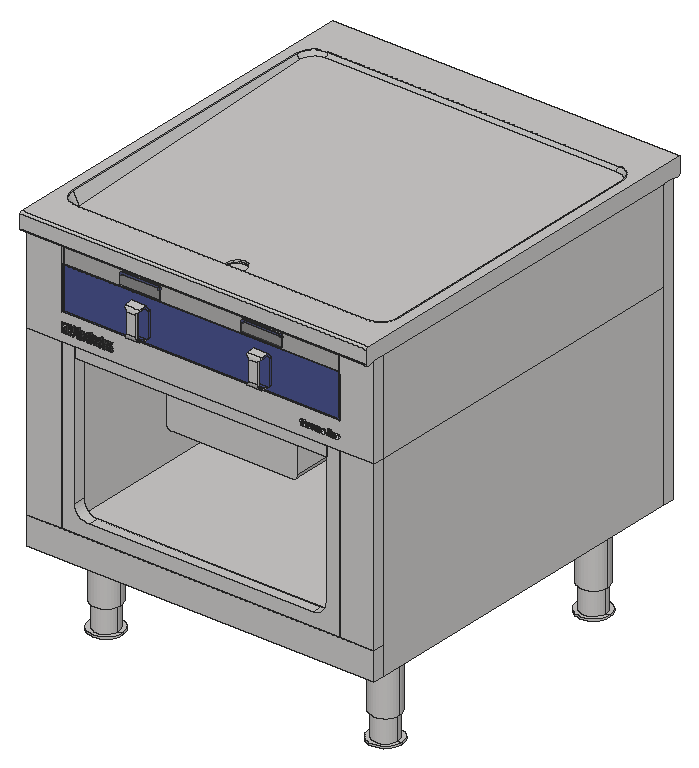
Revit family "QF_ELECTROLUXPROFESSIONAL_589837_MCHYEAH1DM", category Attrezzature speciali, Revit 2021 (continued)
Definition of nested family "QF_ELECTROLUXPROFESSIONAL_589840_BASE"
  Dimensions and locks
    aligned and locked: Extrusion 5 sketch curve to Extrusion 4  (x2)
    aligned and locked: Extrusion 6 sketch curve to plane 9 "TOP"
    aligned and locked: plane 3 "LEFT" to Extrusion 6 sketch curve
    aligned and locked: Extrusion 6 sketch curve to plane 17
    aligned and locked: Extrusion 6 sketch curve to plane 15
    aligned and locked: Extrusion 7 sketch curve to plane 9 "TOP"
    aligned and locked: plane 16 to Extrusion 7 sketch curve
    aligned and locked: Extrusion 7 sketch curve to plane 17
    aligned and locked: plane 4 "RIGHT" to Extrusion 7 sketch curve
    aligned and locked: Extrusion 5 to plane 20
    aligned and locked: cut or joined group of Extrusion 1, Extrusion 3, Extrusion 4, Extrusion 5 to plane 20
    aligned and locked: cut or joined group of Extrusion 1, Extrusion 3, Extrusion 4, Extrusion 5 to plane 18
    aligned and locked: Extrusion 6 to plane 19
    aligned and locked: plane 21 to Extrusion 6
    aligned and locked: plane 21 to Extrusion 7
    aligned and locked: Extrusion 7 to plane 19
    aligned and locked: Extrusion 2 to plane 19
    aligned and locked: plane 21 to Extrusion 2
    aligned and locked: plane 19 to cut or joined group of Extrusion 1, Extrusion 3, Extrusion 4, Extrusion 5
    aligned and locked: plane 21 to cut or joined group of Extrusion 1, Extrusion 3, Extrusion 4, Extrusion 5
  Automatic sketch dimensions
    curve 3 to plane 3 "LEFT" = 0 mm
    curve 3 to plane 4 "RIGHT" = 0 mm
    plane 5 "FRONT" to curve 3 = 0 mm
    plane 1 "BACK" to curve 2 = 0 mm
    Extrusion 1 sketch curve to plane 10 "BASE" = 0 mm
    plane 19 to Extrusion 1 sketch curve = 0 mm
    Extrusion 1 sketch curve to plane 18 = 0 mm
    Extrusion 1 sketch curve to plane 9 "TOP" = 0 mm
    plane 17 to Extrusion 2 sketch curve = 0 mm
    Extrusion 2 sketch curve to plane 21 = 0 mm
    Extrusion 2 sketch curve to plane 10 "BASE" = 0 mm
    Extrusion 2 sketch curve to plane 19 = 0 mm
    Extrusion 4 sketch curve to plane 9 "TOP" = 0 mm
    Extrusion 8 sketch curve to plane 15 = 0 mm
    Extrusion 8 sketch curve to plane 9 "TOP" = 0 mm  (x2)
    Extrusion 8 sketch curve to plane 16 = 0 mm
    Extrusion 8 sketch curve to plane 17 = 0 mm
    plane 15 to Extrusion 8 sketch curve = 30 mm
    Extrusion 8 sketch curve to Extrusion 8 sketch curve = 32 mm
    Extrusion 8 sketch curve to plane 16 = 62 mm
    Extrusion 8 sketch curve to Extrusion 8 sketch curve = 30 mm
    Extrusion 8 sketch curve to plane 17 = 30 mm
Definition of nested family "FEET200_MARINE"
  Parameters (values of type "FEET200_MARINE")
    Default Elevation = 0 mm
    FEET = 200 mm
  Reference planes
    plane 1 "Center (Front/Back)": y = 0
    plane 2: z = 0
    plane 3 "Center (Left/Right)": x = 0
    plane 4: z = 200
  Forms (mm)
    Revolve 1, solid
      sketch origin (0, 0, 0) x (1, 0, 0) y (0, 0, 1)
        loop
          line (0, 200) -> (-38, 200) -> (-38, 196) -> (-33, 196) -> (-33, 59) -> (-28, 59) -> (-28, 4) -> (-38, 4) -> (-38, 0) -> (0, 0) -> (0, 200)
        axis (0, 0) -> (0, 200)
      angle from 0 to 360
  Lines and regions (mm)
    symbolic lines
      curve 1: line (0, -1.503, 0) -> (0, 1.508, 0)
      curve 2: line (1.561, 0, 0) -> (-1.439, 0, 0)
  Dimensions and locks
    "FEET": plane 4 to plane 2
    aligned and locked: level to plane 2
  Automatic sketch dimensions
    plane 1 "Center (Front/Back)" to curve 2 = 0 mm
    curve 1 to plane 3 "Center (Left/Right)" = 0 mm
    curve 2 to plane 3 "Center (Left/Right)" = 1.439 mm
    plane 3 "Center (Left/Right)" to curve 2 = 1.561 mm
    plane 1 "Center (Front/Back)" to curve 1 = 1.503 mm
    curve 1 to plane 1 "Center (Front/Back)" = 1.508 mm
    Revolve 1 sketch curve to plane 4 = 0 mm
    Revolve 1 sketch curve to level = 0 mm  (x2)
    Revolve 1 sketch curve to plane 3 "Center (Left/Right)" = 0 mm  (x2)
    Revolve 1 sketch curve to plane 3 "Center (Left/Right)" = 28 mm
    Revolve 1 sketch curve to Revolve 1 sketch curve = 5 mm  (x2)
    level to Revolve 1 sketch curve = 4 mm
    Revolve 1 sketch curve to Revolve 1 sketch curve = 10 mm
    Revolve 1 sketch curve to Revolve 1 sketch curve = 55 mm
    plane 4 to Revolve 1 sketch curve = 40 mm
    Revolve 1 sketch curve to plane 4 = 4 mm
